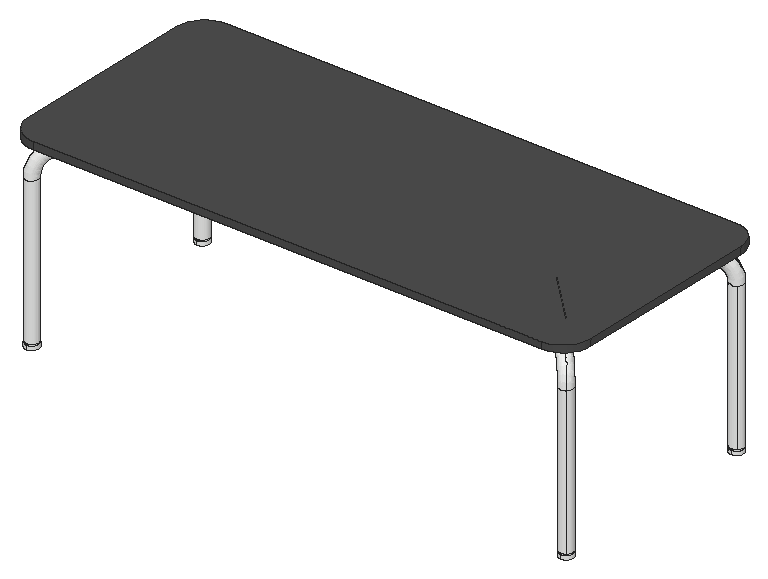
Revit family "Table-Teknion-CQTMR_Routes_Rectangular_Meeting_Table-R2018", category Furniture, Revit 2018
Family settings
  OmniClass Number = 23.40.20.00
  OmniClass Title = General Furniture and Specialties
  Work Plane-Based = No
  Always vertical = Yes
  Cut with Voids When Loaded = No
  Shared = Yes
  Room Calculation Point = No
Parameters (values of type "36"d x 84"w")
  Width = 84.200"
  Warranty = "http://www.teknion.com/ca/papers/legal-canada"
  Unit Weight URL = "http://www.teknion.com/ca/tools/assets#&asset=bee6a381-b954-425e-8283-5a2de3a804f2,f828d448-4b62-4231-9e5f-9a8991c0ed77"
  URL = "www.teknion.com"
  Tube Horizontal Spacing = 14.12828"
  To render please download texture images found here [instance] = "https://assets.teknion.com/web/5e81352c1dfdb467/revit-material-swatches/"
  Sustainability Data = "https://www.teknion.com/ca/tools/assets#&topic=216f99a5-57a0-44fc-b10a-9dee9b29ae4c&asset=444deb64-fe58-4b68-981e-f75e97781df7,b4ff2d81-9f2e-437d-9659-7cffb09c31cf"
  Surface Finish [instance] = Foundation Laminate-Teknion-6K-Matte-Black
  Series = "Routes"  # constant formula
  Product Page URL = "https://www.teknion.com/ca/products/all-products"
  Product Line = "Routes"  # constant formula
  Product Documentation Link = "https://assets.teknion.com/m/72af4764f50e983c/original/Routes-Reference-Guide.pdf"
  Part Number = "CQTMR"  # constant formula
  Model = "CQTMR3684"
  Manufacturer Phone = "416-661-3370"  # constant formula
  Manufacturer Fax = "416.661.4586"  # constant formula
  Manufacturer Contact Information = "http://www.teknion.com/ca/contactus"
  Manufacturer Address = "1150 Flint Road, Toronto, ON. M3J 2J5. Canada"  # constant formula
  Manufacturer = "Teknion"  # constant formula
  How To Use Teknion Materials User Guide [instance] = "https://assets.teknion.com/m/205dd0a49fa58060/original/How-to-add-a-Material-Library-and-Texture-Images-to-your-Revit-project.pdf"
  Frame Finish [instance] = Paint - Teknion - Mica - Very White
  For Additional Finishes please visit [instance] = "https://assets.teknion.com/m/44a8009b046e5d47/original/Teknion_Materials_Library.zip"
  Description = "Routes Rectangular Meeting Table, 36\" Depth, 84\" Width"
  Depth = 36.200"
  Assembly Code = "E2020200"
Types (3): name | Width | Tube Horizontal Spacing | Model | Description | Depth
  (no name) | 84.200" | 14.12828" | "CQTMR3684" | "Routes Rectangular Meeting Table, 36\" Depth, 84\" Width" | 36.200"
  36"d x 84"w | 84.200" | 14.12828" | "CQTMR3684" | "Routes Rectangular Meeting Table, 36\" Depth, 84\" Width" | 36.200"
  42"d x 96"w | 96.200" | 17.597" | "CQTMR4296" | "Routes Rectangular Meeting Table, 42\" Depth, 96\" Width" | 42.200"
Reference planes (in)
  plane 1 "Center Front/Back": y = 0
  plane 2: z = 0
  plane 3 "Center Left/Right": x = 0
  plane 4 "Left": x = -42.1
  plane 5 "Right": x = 42.1
  plane 6 "Back": y = 18.1
  plane 7 "Front": y = -18.1
  plane 8 "Top": z = 29
Forms (in)
  Sweep 1, solid, material "Paint - Teknion - Mica - Very White" <- "Frame Finish"
    path origin (0, 0, 0) x (1, 0, 0) y (0, 1, 0)
      loop
        line (27.97172, 4) -> (-27.97172, 4)
    profile origin (0, 4, 0) x (0, -1, 0) y (0, 0, 1)
      loop
        circle (-0.00121, 26.75649) r 1
  Sweep 2, solid, material "Paint - Teknion - Mica - Very White" <- "Frame Finish"
    path origin (0, 0, 0) x (1, 0, 0) y (0, -1, 0)
      loop
        line (27.97172, 4) -> (-27.97172, 4)
    profile origin (0, -4, 0) x (0, -1, 0) y (0, 0, 1)
      loop
        circle (0.00121, 26.75649) r 1
  Sweep 3, solid, material "Foundation Laminate-Teknion-6K-Matte-Black" <- "Surface Finish"
    path origin (0, 0, 0) x (1, 0, 0) y (0, 0, 1)
      loop
        line (0, 29) -> (0, 28)
    profile origin (0, 0, 28.5) x (0, -1, 0) y (1, 0, 0)
      loop
        line (-14, -42.1) -> (14, -42.1)
        arc (14, -42.1) -> (16.89914, -40.89914) -> (18.1, -38) r 4.1
        line (18.1, -38) -> (18.1, 38)
        arc (18.1, 38) -> (16.89914, 40.89914) -> (14, 42.1) r 4.1
        line (14, 42.1) -> (-14, 42.1)
        arc (-14, 42.1) -> (-16.89914, 40.89914) -> (-18.1, 38) r 4.1
        line (-18.1, 38) -> (-18.1, -38)
        arc (-18.1, -38) -> (-16.89914, -40.89914) -> (-14, -42.1) r 4.1
Lines and regions (in)
  Masking region 1
    outline origin (0, 0, 0) x (1, 0, 0) y (0, 1, 0)
      loop
        line (-42.1, 14) -> (-42.1, -14)
        arc (-42.1, -14) -> (-40.89914, -16.89914) -> (-38, -18.1) r 4.1
        line (-38, -18.1) -> (38, -18.1)
        arc (38, -18.1) -> (40.89914, -16.89914) -> (42.1, -14) r 4.1
        line (42.1, -14) -> (42.1, 14)
        arc (42.1, 14) -> (40.89914, 16.89914) -> (38, 18.1) r 4.1
        line (38, 18.1) -> (-38, 18.1)
        arc (-38, 18.1) -> (-40.89914, 16.89914) -> (-42.1, 14) r 4.1
  symbolic lines, style "FurnitureHiddenLines", detail levels medium+fine
    curve 1: line (-27.97172, 5.00121, 0) -> (27.97172, 5.00121, 0)
    curve 2: line (-27.97172, 3.00121, 0) -> (-27.97172, 5.00121, 0)
    curve 3: line (27.97172, 3.00121, 0) -> (-27.97172, 3.00121, 0)
    curve 4: line (27.97172, 5.00121, 0) -> (27.97172, 3.00121, 0)
    curve 5: line (-27.97172, -3.00121, 0) -> (27.97172, -3.00121, 0)
    curve 6: line (-27.97172, -5.00121, 0) -> (-27.97172, -3.00121, 0)
    curve 7: line (27.97172, -5.00121, 0) -> (-27.97172, -5.00121, 0)
    curve 8: line (27.97172, -3.00121, 0) -> (27.97172, -5.00121, 0)
Dimensions and locks (in)
  "Width": plane 4 "Left" to plane 5 "Right"
  "Depth": plane 6 "Back" to plane 7 "Front"
  plane 8 "Top" to level = 29.000"
  equal spacing: plane 4 "Left", plane 3 "Center Left/Right", plane 5 "Right"
  equal spacing: plane 7 "Front", plane 1 "Center Front/Back", plane 6 "Back"
  locked: plane 8 "Top" to Sweep 3 sketch curve at 1
  locked: plane 6 "Back" to Sweep 3 sketch curve at 4.1  (x2)
  locked: plane 4 "Left" to Sweep 3 sketch curve at 4.1  (x2)
  locked: plane 7 "Front" to Sweep 3 sketch curve at 4.1  (x2)
  locked: Sweep 3 sketch curve to plane 5 "Right" at 4.1  (x2)
  locked: plane 6 "Back" to Sweep 1 sketch curve at 14.09879
  locked: plane 8 "Top" to Sweep 1 sketch curve at 2.24351
  "Tube Horizontal Spacing": Sweep 1 sketch curve to plane 4 "Left"
  "Tube Horizontal Spacing": Sweep 1 sketch curve to plane 5 "Right"
  locked: plane 6 "Back" to Sweep 1 sketch curve at 14.1
  "Tube Horizontal Spacing": plane 4 "Left" to Sweep 2 sketch curve
  locked: Sweep 2 sketch curve to plane 1 "Center Front/Back" at 4
  "Tube Horizontal Spacing": Sweep 2 sketch curve to plane 5 "Right"
  locked: Sweep 2 sketch curve to plane 7 "Front" at 14.09879
  locked: plane 8 "Top" to Sweep 2 sketch curve at 2.24351
  locked: nested 1 to plane 3 "Center Left/Right" at 24.65822
  locked: plane 3 "Center Left/Right" to nested 2 at 24.65822
  plane 6 "Back" to curve 1 to curve 3 = 13.09879" locked, 2.000" locked
  plane 7 "Front" to curve 7 to curve 5 = 13.09879" locked, 2.000" locked
  aligned and locked: level to plane 2
  aligned and locked: plane 8 "Top" to Sweep 3 sketch curve
  aligned and locked: plane 6 "Back" to Sweep 3 sketch curve
  aligned and locked: Sweep 3 sketch curve to plane 5 "Right"
  aligned and locked: Sweep 3 sketch curve to plane 7 "Front"
  aligned and locked: Masking region 1 sketch curve to Sweep 3  (x4)
  aligned and locked: plane 1 "Center Front/Back" to nested 1
  aligned and locked: nested 2 to plane 1 "Center Front/Back"
  aligned and locked: curve 2 to Sweep 1
  aligned and locked: curve 4 to Sweep 1
  aligned and locked: Sweep 2 to curve 8
  aligned and locked: curve 6 to Sweep 2
Automatic sketch dimensions
  Sweep 3 sketch curve to plane 3 "Center Left/Right" = 0.000"
  radius of Sweep 1 sketch curve = 1.000"
  radius of Sweep 2 sketch curve = 1.000"
Nested families (in)
  nested 1: "Leg-Teknion-CQTMR_Rectangular_Meeting_Table-R2018" at (-31.86867, -1.01666, 0), Frame Finish <- "Frame Finish", type "Rectangular Meeting Table Leg"
    with Frame Finish Paint - Teknion - Mica - Very White
  nested 2: "Leg-Teknion-CQTMR_Rectangular_Meeting_Table-R2018" at (31.86867, -1.01666, 0) x (-1, 0, 0) z (0, 0, 1), Frame Finish <- "Frame Finish", type "Rectangular Meeting Table Leg"
    with Frame Finish Paint - Teknion - Mica - Very White
Definition of nested family "Leg-Teknion-CQTMR_Rectangular_Meeting_Table-R2018"
  Parameters (values of type "Rectangular Meeting Table Leg")
    Warranty = "http://www.teknion.com/ca/papers/legal-canada"
    Unit Weight URL = "http://www.teknion.com/ca/tools/assets#&asset=bee6a381-b954-425e-8283-5a2de3a804f2,f828d448-4b62-4231-9e5f-9a8991c0ed77"
    URL = "www.teknion.com"
    Sustainability Data = "https://www.teknion.com/ca/tools/assets#&topic=216f99a5-57a0-44fc-b10a-9dee9b29ae4c&asset=444deb64-fe58-4b68-981e-f75e97781df7,b4ff2d81-9f2e-437d-9659-7cffb09c31cf"
    Series = "Routes"  # constant formula
    Product Page URL = "https://www.teknion.com/ca/products/all-products"
    Product Line = "Routes"  # constant formula
    Model = "Rectangular Meeting Table Leg"
    Manufacturer Phone = "416-661-3370"  # constant formula
    Manufacturer Fax = "416.661.4586"  # constant formula
    Manufacturer Contact Information = "http://www.teknion.com/ca/contactus"
    Manufacturer Address = "1150 Flint Road, Toronto, ON. M3J 2J5. Canada"  # constant formula
    Manufacturer = "Teknion"  # constant formula
    Frame Finish [instance] = none
    Description = "Rectangular Meeting Table Leg"
    Assembly Code = "E2020200"
  Reference planes (in)
    plane 1 "Center Front/Back": y = 1.01666
    plane 2: z = 0
    plane 3 "Center Left/Right": x = -0.93188
    plane 4 "Left": x = -9.07422
    plane 5 "Right": x = 7.21046
    plane 6 "Back": y = 17.96259
    plane 7 "Front": y = -15.92927
    plane 8 "Top": z = 63
  Forms (in)
    Sweep 1, solid, material <- "Frame Finish"
      path origin (7.86989, 1.01802, 0) x (-0.707107, -0.707107, 0) y (0, 0, 1)
        loop
          arc (22.56858, 22.75) -> (21.39701, 25.57843) -> (18.56858, 26.75) r 4
          line (18.56858, 26.75) -> (4.00007, 26.75)
      profile origin (-0.10933, -6.9612, 26.75) x (0, 0, -1) y (-0.707107, 0.707107, 0)
        loop
          circle (0, 0.00442) r 0.97549
    Sweep 2, solid, material <- "Frame Finish"
      path in 3D
        loop
          line (-2.30263, 9.77633, 26.75) -> (4.33293, 3.14077, 26.75)
          arc (4.33293, 3.14077, 26.75) -> (4.98325, 2.1675, 26.75) -> (5.21161, 1.01945, 26.75) r 3
          arc (5.21161, 1.01945, 26.75) -> (4.98325, -0.1287, 26.75) -> (4.33293, -1.10197, 26.75) r 3
      profile origin (1.01515, 6.45855, 26.75) x (0, 0, 1) y (-0.707107, -0.707107, 0)
        loop
          circle (0, -1.00058) r 1
    Sweep 3, solid, material <- "Frame Finish"
      path in 3D
        loop
          arc (-8.70901, 16.3004, 22.75) -> (-7.88473, 15.47612, 25.56428) -> (-5.89473, 13.48612, 26.73) r 3.98
          line (-5.89473, 13.48612, 26.73) -> (-2.24252, 9.83391, 26.73)
      profile origin (-4.06863, 11.66001, 26.73) x (0.015422, 0.015422, -0.999762) y (0.706939, 0.706939, 0.02181)
        loop
          circle (0.00001, 0.91758) r 1
    Sweep 4, solid, material <- "Frame Finish"
      path in 3D
        loop
          line (-8.73751, 16.3289, 22.75) -> (-8.73751, 16.3289, 0.875)
      profile origin (-8.73751, 16.3289, 11.8125) x (0.722361, 0.691516, 0) y (-0.691516, 0.722361, 0)
        loop
          circle (0.9177, 0) r 0.9999
    Sweep 5, solid, material <- "Frame Finish"
      path origin (29.828, -1.99715, 0) x (1, 0, 0) y (0, 0, 1)
        loop
          line (-37.88749, 0.8325) -> (-37.88749, 0.66075)
      profile origin (-8.05948, -1.99715, 0.74662) x (0, -1, 0) y (1, 0, 0)
        loop
          circle (-18.95579, -0.0126) r 0.46956
    Sweep 6, solid, material <- "Frame Finish"
      path origin (29.828, -1.99715, 0) x (1, 0, 0) y (0, 0, 1)
        loop
          line (-37.88749, 0.53575) -> (-37.88749, 0.0625)
      profile origin (-8.05948, -1.99715, 0.29912) x (0, -1, 0) y (1, 0, 0)
        loop
          circle (-18.95822, -0.01503) r 1
    Sweep 7, solid, material <- "Frame Finish"
      path origin (29.81238, -1.98152, -0.17175) x (1, 0, 0) y (0, 0, 1)
        loop
          line (-37.88749, 0.8325) -> (-37.88749, 0.7075)
      profile origin (-8.07511, -1.98152, 0.59825) x (0, -1, 0) y (1, 0, 0)
        loop
          circle (-18.94259, 0.0006) r 0.77651
    Sweep 8, solid, material <- "Frame Finish"
      path origin (29.81238, -1.98152, -0.7075) x (1, 0, 0) y (0, 0, 1)
        loop
          line (-37.88749, 0.8325) -> (-37.88749, 0.7075)
      profile origin (-8.07511, -1.98152, 0.0625) x (0, -1, 0) y (1, 0, 0)
        loop
          circle (-18.94259, 0.0006) r 0.84765
    Sweep 9, solid, material <- "Frame Finish"
      path in 3D
        loop
          line (-8.73666, -14.28925, 22.75) -> (-8.73666, -14.28925, 0.875)
      profile origin (-8.73666, -14.28925, 11.8125) x (0.722361, -0.691516, 0) y (0.691516, 0.722361, 0)
        loop
          circle (0.91281, -0.0151) r 0.97549
    Sweep 10, solid, material <- "Frame Finish"
      path origin (29.81323, 4.02117, 0) x (1, 0, 0) y (0, 0, -1)
        loop
          line (-37.88749, -0.8325) -> (-37.88749, -0.66075)
      profile origin (-8.07425, 4.02117, 0.74662) x (0, 1, 0) y (-1, 0, 0)
        loop
          circle (-18.9465, 0.00331) r 0.46956
    Sweep 11, solid, material <- "Frame Finish"
      path origin (29.81323, 4.02117, 0) x (1, 0, 0) y (0, 0, -1)
        loop
          line (-37.88749, -0.53575) -> (-37.88749, -0.0625)
      profile origin (-8.07425, 4.02117, 0.29912) x (0, 1, 0) y (-1, 0, 0)
        loop
          circle (-18.95041, 0.00722) r 1
    Sweep 12, solid, material <- "Frame Finish"
      path origin (29.81323, 4.02117, -0.17175) x (1, 0, 0) y (0, 0, -1)
        loop
          line (-37.88749, -0.8325) -> (-37.88749, -0.7075)
      profile origin (-8.07425, 4.02117, 0.59825) x (0, 1, 0) y (-1, 0, 0)
        loop
          circle (-18.9465, 0.00331) r 0.77651
    Sweep 13, solid, material <- "Frame Finish"
      path origin (29.81323, 4.02117, -0.7075) x (1, 0, 0) y (0, 0, -1)
        loop
          line (-37.88749, -0.8325) -> (-37.88749, -0.7075)
      profile origin (-8.07425, 4.02117, 0.0625) x (0, 1, 0) y (-1, 0, 0)
        loop
          circle (-18.94259, -0.0006) r 0.84765
  Lines and regions (in)
    sketch lines
      curve 1: line (-2.30263, 9.77633, 26.75) -> (4.33293, 3.14077, 26.75)
      curve 2: arc (4.33293, 3.14077, 26.75) -> (4.98325, 2.1675, 26.75) -> (5.21161, 1.01945, 26.75) r 3
      curve 3: arc (5.21161, 1.01935, 26.75) -> (4.98325, -0.1287, 26.75) -> (4.33293, -1.10197, 26.75) r 3
      curve 4: line (-5.89473, 13.48612, 26.73) -> (-2.24252, 9.83391, 26.73)
      curve 5: arc (-8.70901, 16.3004, 22.75) -> (-7.88473, 15.47612, 25.56428) -> (-5.89473, 13.48612, 26.73) r 3.98
      curve 6: line (-8.73751, 16.3289, 22.75) -> (-8.73751, 16.3289, 0.875)
      curve 7: line (-8.73666, -14.28925, 22.75) -> (-8.73666, -14.28925, 0.875)
    symbolic lines, detail levels medium+fine
      curve 8: line (-7.38604, 17.68841, 0) -> (5.72776, 4.57488, 0)
      curve 9: line (5.72806, -2.4971, 0) -> (-7.33968, -15.56485, 0)
      curve 10: line (-8.78848, 16.26374, 0) -> (4.37608, 3.09909, 0)
      curve 11: arc (4.37608, 3.09909, 0) -> (5.24368, 0.98501, 0) -> (4.34852, -1.11756, 0) r 2.96239
      curve 12: line (4.34852, -1.11756, 0) -> (-8.73983, -14.2059, 0)
      curve 13: arc (5.72806, -2.4971, 0) -> (7.19266, 1.03895, 0) -> (5.72776, 4.57488, 0) r 5.00043
      curve 14: arc (-8.78848, 16.26374, 0) -> (-8.785, 17.66293, 0) -> (-7.38604, 17.68841, 0) r 0.99978
      curve 15: line (-4.3282, -7.64152, 0) -> (-6.74368, -10.057, 0)
      curve 16: arc (-6.74368, -10.057, 0) -> (-6.92674, -10.49894, 0) -> (-6.74368, -10.94088, 0) r 0.625
      curve 17: line (-6.74368, -10.94088, 0) -> (-4.09203, -13.59253, 0)
      curve 18: arc (-4.09203, -13.59253, 0) -> (-3.65009, -13.77559, 0) -> (-3.20815, -13.59253, 0) r 0.625
      curve 19: line (-3.20815, -13.59253, 0) -> (-0.79267, -11.17706, 0)
      curve 20: arc (-0.79267, -11.17706, 0) -> (-0.60961, -10.73512, 0) -> (-0.79267, -10.29317, 0) r 0.625
      curve 21: line (-0.79267, -10.29317, 0) -> (-3.44432, -7.64152, 0)
      curve 22: arc (-3.44432, -7.64152, 0) -> (-3.88626, -7.45847, 0) -> (-4.3282, -7.64152, 0) r 0.625
      curve 23: line (-0.79267, 13.2167, 0) -> (-3.20815, 15.63217, 0)
      curve 24: arc (-3.20815, 15.63217, 0) -> (-3.65009, 15.81523, 0) -> (-4.09203, 15.63217, 0) r 0.625
      curve 25: line (-4.09203, 15.63217, 0) -> (-6.74368, 12.98052, 0)
      curve 26: arc (-6.74368, 12.98052, 0) -> (-6.92674, 12.53858, 0) -> (-6.74368, 12.09664, 0) r 0.625
      curve 27: line (-6.74368, 12.09664, 0) -> (-4.3282, 9.68116, 0)
      curve 28: arc (-4.3282, 9.68116, 0) -> (-3.88626, 9.49811, 0) -> (-3.44432, 9.68116, 0) r 0.625
      curve 29: line (-3.44432, 9.68116, 0) -> (-0.79267, 12.33281, 0)
      curve 30: arc (-0.79267, 12.33281, 0) -> (-0.60961, 12.77476, 0) -> (-0.79267, 13.2167, 0) r 0.625
      curve 38: arc (-8.73983, -14.2059, 0) -> (-8.81321, -15.5835, 0) -> (-7.43562, -15.65688, 0) r 0.97549
    symbolic lines, detail levels fine
      curve 31: arc (-8.78848, 16.26374, 0) -> (-7.37032, 16.27033, 0) -> (-7.38604, 17.68841, 0) r 0.99958
      curve 32: arc (-8.07451, 17.80872, 0) -> (-8.92216, 16.96107, 0) -> (-8.07451, 16.11342, 0) r 0.84765
      curve 33: arc (-8.07451, 16.11342, 0) -> (-7.22686, 16.96107, 0) -> (-8.07451, 17.80872, 0) r 0.84765
      curve 34: arc (-8.07451, 16.18456, 0) -> (-7.298, 16.96107, 0) -> (-8.07451, 17.73758, 0) r 0.77651
      curve 35: arc (-8.07451, 17.73758, 0) -> (-8.85102, 16.96107, 0) -> (-8.07451, 16.18456, 0) r 0.77651
      curve 36: arc (-8.07208, 17.4282, 0) -> (-8.54164, 16.95864, 0) -> (-8.07208, 16.48908, 0) r 0.46956
      curve 37: arc (-8.07208, 16.48908, 0) -> (-7.60252, 16.95864, 0) -> (-8.07208, 17.4282, 0) r 0.46956
      curve 39: arc (-7.43562, -15.65688, 0) -> (-7.36223, -14.27929, 0) -> (-8.73983, -14.2059, 0) r 0.97549
      curve 40: arc (-8.07756, -14.45577, 0) -> (-8.54712, -14.92533, 0) -> (-8.07756, -15.39489, 0) r 0.46956
      curve 41: arc (-8.07756, -15.39489, 0) -> (-7.608, -14.92533, 0) -> (-8.07756, -14.45577, 0) r 0.46956
      curve 42: arc (-8.07756, -15.70185, 0) -> (-7.30105, -14.92533, 0) -> (-8.07756, -14.14882, 0) r 0.77651
      curve 43: arc (-8.07756, -14.14882, 0) -> (-8.85408, -14.92533, 0) -> (-8.07756, -15.70185, 0) r 0.77651
      curve 44: arc (-8.07366, -14.07377, 0) -> (-8.92131, -14.92143, 0) -> (-8.07366, -15.76908, 0) r 0.84765
      curve 45: arc (-8.07366, -15.76908, 0) -> (-7.226, -14.92143, 0) -> (-8.07366, -14.07377, 0) r 0.84765
      curve 46: arc (-8.08147, -13.92924, 0) -> (-9.08147, -14.92924, 0) -> (-8.08147, -15.92924, 0) r 1
      curve 47: arc (-8.08147, -15.92924, 0) -> (-7.08147, -14.92924, 0) -> (-8.08147, -13.92924, 0) r 1
  Dimensions and locks (in)
    equal spacing: plane 4 "Left", plane 3 "Center Left/Right", plane 5 "Right", locked at 8.14234 each
    equal spacing: plane 6 "Back", plane 1 "Center Front/Back", plane 7 "Front", locked at 16.94593 each
    plane 8 "Top" to level = 63.000"
    aligned and locked: level to plane 2
  Automatic sketch dimensions
    curve 32 to curve 33 = 0.000"  (x2)
    curve 32 to curve 34 = 0.000"  (x2)
    curve 32 to curve 35 = 0.000"  (x2)
    curve 33 to curve 34 = 0.000"  (x2)
    curve 33 to curve 35 = 0.000"  (x2)
    curve 34 to curve 35 = 0.000"  (x2)
    curve 36 to curve 37 = 0.000"  (x2)
    curve 38 to curve 39 = 0.000"  (x2)
    curve 40 to curve 41 = 0.000"  (x2)
    curve 40 to curve 42 = 0.000"  (x2)
    curve 40 to curve 43 = 0.000"  (x2)
    curve 41 to curve 42 = 0.000"  (x2)
    curve 41 to curve 43 = 0.000"  (x2)
    curve 42 to curve 43 = 0.000"  (x2)
    curve 44 to curve 45 = 0.000"  (x2)
    curve 46 to curve 47 = 0.000"  (x2)
    plane 4 "Left" to curve 10 = 0.28574"
    plane 4 "Left" to curve 12 = 0.33439"
    curve 12 to curve 38 = 0.6521"
    plane 4 "Left" to curve 31 = 0.99154"
    curve 38 to curve 46 = 0.00625"
    curve 46 to curve 40 = 0.00391"  (x2)
    curve 31 to curve 35 = 0.00816"
    curve 40 to curve 45 = 0.00391"
    curve 32 to curve 14 = 0.002"
    curve 14 to curve 36 = 0.00043"
    curve 8 to plane 6 "Back" = 0.27418"
    curve 34 to curve 8 = 0.68847"
    plane 4 "Left" to curve 15 = 2.33054"
    plane 4 "Left" to curve 25 = 2.33054"
    curve 17 to curve 15 = 0.000"
    curve 27 to curve 25 = 0.000"
    curve 25 to curve 26 = 0.44194"
    curve 15 to curve 16 = 0.44194"
    curve 15 to plane 3 "Center Left/Right" = 3.39632"
    curve 27 to plane 3 "Center Left/Right" = 3.39632"
    curve 17 to plane 3 "Center Left/Right" = 3.16015"
    curve 25 to plane 3 "Center Left/Right" = 3.16015"
    curve 22 to curve 22 = 0.44194"  (x2)
    curve 28 to curve 28 = 0.44194"  (x2)
    curve 18 to curve 18 = 0.44194"
    curve 24 to curve 24 = 0.44194"
    curve 28 to curve 29 = 0.44194"
    curve 22 to curve 21 = 0.44194"
    curve 18 to curve 19 = 0.44194"
    curve 24 to curve 23 = 0.44194"  (x2)
    curve 20 to plane 3 "Center Left/Right" = 0.30273"
    curve 30 to plane 3 "Center Left/Right" = 0.30273"
    plane 3 "Center Left/Right" to curve 23 = 0.13921"
    plane 3 "Center Left/Right" to curve 21 = 0.13921"
    plane 3 "Center Left/Right" to curve 29 = 0.13921"
    plane 3 "Center Left/Right" to curve 19 = 0.13921"
    curve 13 to plane 1 "Center Front/Back" = 0.02207"
    plane 3 "Center Left/Right" to curve 13 = 3.12411"
    plane 1 "Center Front/Back" to curve 11 = 0.01229"
    curve 13 to curve 11 = 0.08913"
    plane 5 "Right" to curve 12 = 2.86194"
    plane 5 "Right" to curve 10 = 2.83438"
    plane 5 "Right" to curve 8 = 1.4827"
    plane 5 "Right" to curve 9 = 1.48239"
    plane 1 "Center Front/Back" to curve 12 = 2.13422"
    curve 9 to curve 11 = 1.37955"
    curve 15 to plane 7 "Front" = 8.28775"
    curve 15 to curve 15 = 2.41548"
    curve 21 to curve 21 = 2.65165"
    curve 16 to curve 15 = 0.44194"
    curve 20 to curve 21 = 0.44194"
    curve 18 to plane 7 "Front" = 2.77868"
    curve 19 to curve 18 = 0.44194"
    curve 12 to plane 7 "Front" = 1.72337"
    curve 45 to curve 38 = 0.71552"
    curve 42 to curve 45 = 0.00391"
    curve 39 to curve 46 = 0.00215"
    curve 27 to plane 6 "Back" = 8.28143"
    curve 27 to curve 27 = 2.41548"
    curve 28 to curve 29 = 2.65165"
    curve 26 to curve 26 = 0.44194"
    curve 30 to curve 30 = 0.44194"
    curve 24 to plane 6 "Back" = 2.77236"
    curve 10 to plane 6 "Back" = 1.69885"
    curve 37 to curve 14 = 0.00292"
    curve 35 to curve 14 = 0.00049"
    curve 38 to plane 7 "Front" = 0.2724"
    curve 9 to plane 7 "Front" = 0.36442"
    curve 38 to curve 9 = 0.09593"
    curve 39 to curve 47 = 0.27667"
    curve 44 to curve 47 = 0.14453"
    curve 42 to curve 45 = 0.07505"
    curve 40 to curve 42 = 0.30695"
    curve 32 to curve 10 = 0.15033"
    curve 32 to curve 35 = 0.07114"
    curve 34 to curve 36 = 0.30452"
    level to Sweep 1 sketch curve = 22.750"
    Sweep 1 sketch curve to Sweep 1 sketch curve = 4.000"
    Sweep 1 sketch curve to Sweep 1 sketch curve = 14.56851"
    Sweep 1 sketch curve to Sweep 1 sketch curve = 0.000"  (x2)
    profile plane to Sweep 1 sketch curve = 0.000"
    profile plane to Sweep 1 sketch curve = 0.00442"
    Sweep 1 sketch curve to Sweep 1 sketch curve = 0.97549"
    profile plane to Sweep 2 sketch curve = 0.000"
    Sweep 2 sketch curve to profile plane = 1.00058"
    Sweep 3 sketch curve to Sweep 3 sketch curve = 0.000"  (x2)
    Sweep 3 sketch curve to profile plane = 0.00001"
    profile plane to Sweep 3 sketch curve = 0.91758"
    profile plane to Sweep 3 sketch curve = 0.99975"
    profile plane to Sweep 3 sketch curve = 0.89577"
    Sweep 3 sketch curve to profile plane = 0.99977"
    profile plane to Sweep 4 sketch curve = 0.000"
    profile plane to Sweep 4 sketch curve = 0.9177"
    plane 4 "Left" to Sweep 5 sketch curve = 1.01473"
    level to Sweep 5 sketch curve = 0.66075"
    Sweep 5 sketch curve to Sweep 5 sketch curve = 0.17175"
    profile plane to Sweep 5 sketch curve = 0.0126"
    Sweep 5 sketch curve to profile plane = 18.95579"
    level to Sweep 6 sketch curve = 0.0625"
    plane 4 "Left" to Sweep 6 sketch curve = 1.01473"
    Sweep 6 sketch curve to Sweep 6 sketch curve = 0.47325"
    profile plane to Sweep 6 sketch curve = 0.01503"
    Sweep 6 sketch curve to profile plane = 18.95822"
    plane 4 "Left" to Sweep 7 sketch curve = 0.99911"
    level to Sweep 7 sketch curve = 0.53575"
    Sweep 7 sketch curve to Sweep 7 sketch curve = 0.125"
    Sweep 7 sketch curve to profile plane = 0.0006"
    Sweep 7 sketch curve to profile plane = 18.94259"
    Sweep 8 sketch curve to level = 0.000"
    plane 4 "Left" to Sweep 8 sketch curve = 0.99911"
    Sweep 8 sketch curve to Sweep 8 sketch curve = 0.125"
    Sweep 8 sketch curve to profile plane = 0.0006"
    Sweep 8 sketch curve to profile plane = 18.94259"
    Sweep 9 sketch curve to Sweep 9 sketch curve = 0.000"  (x2)
    profile plane to Sweep 9 sketch curve = 0.0151"
    profile plane to Sweep 9 sketch curve = 0.91281"
    profile plane to Sweep 9 sketch curve = 0.89154"
    profile plane to Sweep 9 sketch curve = 0.93409"
    Sweep 9 sketch curve to Sweep 9 sketch curve = 0.97525"
    plane 4 "Left" to Sweep 10 sketch curve = 0.99996"
    level to Sweep 10 sketch curve = 0.8325"
    Sweep 10 sketch curve to Sweep 10 sketch curve = 0.17175"
    Sweep 10 sketch curve to profile plane = 0.00331"
    Sweep 10 sketch curve to profile plane = 18.9465"
    level to Sweep 11 sketch curve = 0.0625"
    plane 4 "Left" to Sweep 11 sketch curve = 0.99996"
    Sweep 11 sketch curve to Sweep 11 sketch curve = 0.47325"
    Sweep 11 sketch curve to profile plane = 0.00722"
    Sweep 11 sketch curve to profile plane = 18.95041"
    plane 4 "Left" to Sweep 12 sketch curve = 0.99996"
    level to Sweep 12 sketch curve = 0.66075"
    Sweep 12 sketch curve to Sweep 12 sketch curve = 0.125"
    Sweep 12 sketch curve to profile plane = 0.00331"
    Sweep 12 sketch curve to profile plane = 18.9465"
    Sweep 13 sketch curve to level = 0.000"
    plane 4 "Left" to Sweep 13 sketch curve = 0.99996"
    Sweep 13 sketch curve to Sweep 13 sketch curve = 0.125"
    profile plane to Sweep 13 sketch curve = 0.0006"
    Sweep 13 sketch curve to profile plane = 18.94259"
    radius of Sweep 2 sketch curve = 1.000"
    radius of Sweep 4 sketch curve = 0.9999"
    radius of Sweep 5 sketch curve = 0.46956"
    radius of Sweep 6 sketch curve = 1.000"
    radius of Sweep 7 sketch curve = 0.77651"
    radius of Sweep 8 sketch curve = 0.84765"
    radius of Sweep 10 sketch curve = 0.46956"
    radius of Sweep 11 sketch curve = 1.000"
    radius of Sweep 12 sketch curve = 0.77651"
    radius of Sweep 13 sketch curve = 0.84765"
